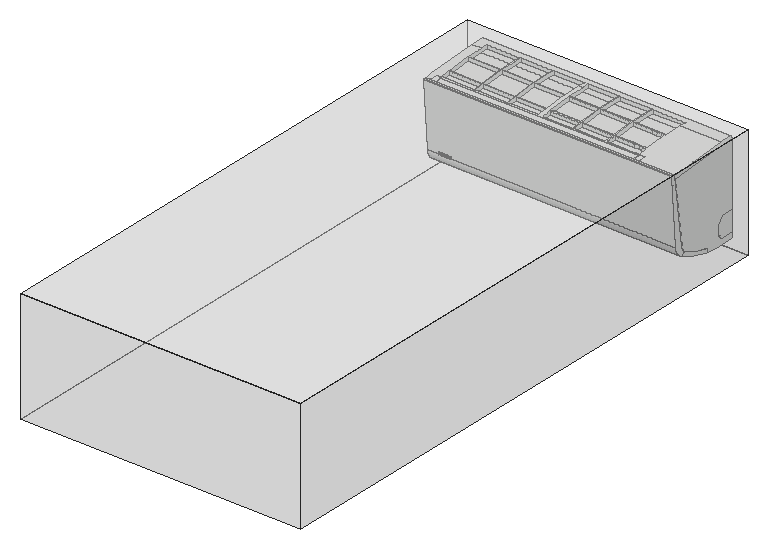
Revit family "outputfile", category 機械設備, Revit 2024
Family settings
  丸型コネクタ寸法 = 半径を使用
  パーツ タイプ = 標準
  OmniClass 番号 = 23.75.10.24.21.27.27
  OmniClass タイトル = Split System Air Conditioning Units
  作業面ベース = いいえ
  常に垂直 = はい
  ロード時にボイドで切り取り = いいえ
  注釈の向きを維持 = いいえ
  共有 = いいえ
  部屋計算ポイント = いいえ
Parameters (values of type "FTKF50CV1MW")
  Description = ""
  書き出し IFC クラス(タイプ) = "IfcUnitaryEquipmentType"
  定義済み IFC タイプ(タイプ) = "AIRCONDITIONINGUNIT"
  Cost = 0
  Type Comments = ""
  Keynote = ""
  Type Image = (empty or 0)
  Assembly Code = ""
  switch_frequency = yes
  lw_connection [instance] = if(Width = 730.0 mm, 85.0 mm, if(Width = 770.0 mm, 48.0 mm, 60.0 mm))  # 48.0 mm
  製造元 = "Daikin"
  モデル = "FTKF50CV1MW"
  r_Liquid Pipe Size = Liquid Pipe Size / 2  # 3.2 mm
  r_Gas Pipe Size = Gas Pipe Size / 2  # 6.35 mm
  r_Drain Pipe Size = Drain Pipe Size / 2  # 9.55 mm
  lw_powersupply [instance] = if(Width = 730.0 mm, if(or(Rear Right Connection_refrigerant, Bottom Right Connection_refrigerant), 65.0 mm, if(or(Rear Left Connection_refrigerant, Bottom Left Connection_refrigerant), 695.0 mm, 400.0 mm)), if(Width = 770.0 mm, if(or(Rear Right Connection_refrigerant, Bottom Right Connection_refrigerant), 68.0 mm, if(or(Rear Left Connection_refrigerant, Bottom Left Connection_refrigerant), 705.0 mm, 400.0 mm)), if(or(Rear Right Connection_refrigerant, Bottom Right Connection_refrigerant), 83.0 mm, if(or(Rear Left Connection_refrigerant, Bottom Left Connection_refrigerant), 928.0 mm, 400.0 mm))))  # 400.0 mm
  lw_liquidpipe [instance] = if(Width = 730.0 mm, if(or(Rear Right Connection_refrigerant, Bottom Right Connection_refrigerant), 0.0 mm, if(or(Rear Left Connection_refrigerant, Bottom Left Connection_refrigerant), 582.0 mm, 473.0 mm)), if(Width = 770.0 mm, if(or(Rear Right Connection_refrigerant, Bottom Right Connection_refrigerant), 0.0 mm, if(or(Rear Left Connection_refrigerant, Bottom Left Connection_refrigerant), 682.0 mm, 385.0 mm)), if(or(Rear Right Connection_refrigerant, Bottom Right Connection_refrigerant), 10.0 mm, if(or(Rear Left Connection_refrigerant, Bottom Left Connection_refrigerant), 858.0 mm, 435.0 mm))))  # 385.0 mm
  lw_gaspipe [instance] = if(Width = 730.0 mm, if(or(Rear Right Connection_refrigerant, Bottom Right Connection_refrigerant), 0.0 mm, if(or(Rear Left Connection_refrigerant, Bottom Left Connection_refrigerant), 576.0 mm, 428.0 mm)), if(Width = 770.0 mm, if(or(Rear Right Connection_refrigerant, Bottom Right Connection_refrigerant), 0.0 mm, if(or(Rear Left Connection_refrigerant, Bottom Left Connection_refrigerant), 675.0 mm, 335.0 mm)), if(or(Rear Right Connection_refrigerant, Bottom Right Connection_refrigerant), 0.0 mm, if(or(Rear Left Connection_refrigerant, Bottom Left Connection_refrigerant), 851.0 mm, 400.0 mm))))  # 335.0 mm
  lw_drainpipe [instance] = if(Width = 730.0 mm, if(or(Rear Right Connection_refrigerant, Bottom Right Connection_refrigerant), 0.0 mm, if(or(Rear Left Connection_refrigerant, Bottom Left Connection_refrigerant), 590.0 mm, 488.0 mm)), if(Width = 770.0 mm, if(or(Rear Right Connection_refrigerant, Bottom Right Connection_refrigerant), 0.0 mm, if(or(Rear Left Connection_refrigerant, Bottom Left Connection_refrigerant), 695.0 mm, 440.0 mm)), if(or(Rear Right Connection_refrigerant, Bottom Right Connection_refrigerant), 0.0 mm, if(or(Rear Left Connection_refrigerant, Bottom Left Connection_refrigerant), 888.0 mm, 475.0 mm))))  # 440.0 mm
  l_powersupply_length [instance] = if(Width = 730.0 mm, if(Right Connection_refrigerant, 400.0 mm, if(Left Connection_refrigerant, 330.0 mm, if(or(Bottom Left Connection_refrigerant, Bottom Right Connection_refrigerant), 57.0 mm, if(or(Rear Left Connection_refrigerant, Rear Right Connection_refrigerant), 15.0 mm, 50.0 mm)))), if(Width = 770.0 mm, if(Right Connection_refrigerant, 400.0 mm, if(Left Connection_refrigerant, 370.0 mm, if(or(Bottom Left Connection_refrigerant, Bottom Right Connection_refrigerant), 57.0 mm, if(or(Rear Left Connection_refrigerant, Rear Right Connection_refrigerant), 15.0 mm, 50.0 mm)))), if(Right Connection_refrigerant, 400.0 mm, if(Left Connection_refrigerant, 590.0 mm, if(or(Bottom Left Connection_refrigerant, Bottom Right Connection_refrigerant), 57.0 mm, if(or(Rear Left Connection_refrigerant, Rear Right Connection_refrigerant), 15.0 mm, 50.0 mm))))))  # 400.0 mm
  l_liquidpipe_length [instance] = if(Width = 730.0 mm, if(Right Connection_refrigerant, 558.0 mm, if(Left Connection_refrigerant, 172.0 mm, if(or(Bottom Left Connection_refrigerant, Bottom Right Connection_refrigerant), 48.0 mm, if(or(Rear Left Connection_refrigerant, Rear Right Connection_refrigerant), 30.0 mm, 40.0 mm)))), if(Width = 770.0 mm, if(Right Connection_refrigerant, 433.0 mm, if(Left Connection_refrigerant, 337.0 mm, if(or(Bottom Left Connection_refrigerant, Bottom Right Connection_refrigerant), 48.0 mm, if(or(Rear Left Connection_refrigerant, Rear Right Connection_refrigerant), 30.0 mm, 40.0 mm)))), if(Right Connection_refrigerant, 495.0 mm, if(Left Connection_refrigerant, 495.0 mm, if(or(Bottom Left Connection_refrigerant, Bottom Right Connection_refrigerant), 48.0 mm, if(or(Rear Left Connection_refrigerant, Rear Right Connection_refrigerant), 30.0 mm, 40.0 mm))))))  # 433.0 mm
  l_gaspipe_length [instance] = if(Width = 730.0 mm, if(Right Connection_refrigerant, 513.0 mm, if(Left Connection_refrigerant, 217.0 mm, if(or(Bottom Left Connection_refrigerant, Bottom Right Connection_refrigerant), 57.0 mm, if(or(Rear Left Connection_refrigerant, Rear Right Connection_refrigerant), 40.0 mm, 50.0 mm)))), if(Width = 770.0 mm, if(Right Connection_refrigerant, 383.0 mm, if(Left Connection_refrigerant, 387.0 mm, if(or(Bottom Left Connection_refrigerant, Bottom Right Connection_refrigerant), 57.0 mm, if(or(Rear Left Connection_refrigerant, Rear Right Connection_refrigerant), 40.0 mm, 50.0 mm)))), if(Right Connection_refrigerant, 460.0 mm, if(Left Connection_refrigerant, 530.0 mm, if(or(Bottom Left Connection_refrigerant, Bottom Right Connection_refrigerant), 57.0 mm, if(or(Rear Left Connection_refrigerant, Rear Right Connection_refrigerant), 40.0 mm, 50.0 mm))))))  # 383.0 mm
  l_drainpipe_length [instance] = if(Width = 730.0 mm, if(Right Connection_refrigerant, 573.0 mm, if(Left Connection_refrigerant, 157.0 mm, if(or(Bottom Left Connection_refrigerant, Bottom Right Connection_refrigerant), 35.0 mm, if(or(Rear Left Connection_refrigerant, Rear Right Connection_refrigerant), 15.0 mm, 20.0 mm)))), if(Width = 770.0 mm, if(Right Connection_refrigerant, 488.0 mm, if(Left Connection_refrigerant, 282.0 mm, if(or(Bottom Left Connection_refrigerant, Bottom Right Connection_refrigerant), 35.0 mm, if(or(Rear Left Connection_refrigerant, Rear Right Connection_refrigerant), 15.0 mm, 20.0 mm)))), if(Right Connection_refrigerant, 535.0 mm, if(Left Connection_refrigerant, 455.0 mm, if(or(Bottom Left Connection_refrigerant, Bottom Right Connection_refrigerant), 35.0 mm, if(or(Rear Left Connection_refrigerant, Rear Right Connection_refrigerant), 15.0 mm, 20.0 mm))))))  # 488.0 mm
  h*** = 0.0 mm  # constant formula
  connector_voltage = Voltage_50Hz  # 230 V
  connector_powerinput = [Power Input (Cooling)]  # 1.880 kW
  connector_phase = Phase_50Hz  # 1
  angle_vertical [instance] = if(or(Bottom Left Connection_refrigerant, Bottom Right Connection_refrigerant), 0.00°, 90.00°)  # 90.00°
  angle_horizontal [instance] = if(Right Connection_refrigerant, 90.00°, if(Left Connection_refrigerant, -90.00°, if(or(Rear Left Connection_refrigerant, Rear Right Connection_refrigerant), 180.00°, 0.00°)))  # 90.00°
  Width = 770.0 mm
  Voltage_comment_50Hz = "220 - 240"
  Voltage_50Hz = 230 V
  Version = "ver.1.0"
  Unit Type = "Wall Mounted"
  Unit Mass Weight = 9.50 kg
  Unit Designation [instance] = ""
  Uniclass2015Version = "Products v1.30"
  Uniclass2015Title = "Split coil room air conditioning units"
  Uniclass2015Code = "Pr_70_65_03_86"
  URL = ""
  Total Cooling Capacity [instance] = 0.000 kW
  Sound Pressure Level_M speed (dBA) = 39
  Sound Pressure Level_L speed (dBA) = 32
  Sound Pressure Level_H speed (dBA) = 42
  Sound Power Level_H speed (dB) = 0
  Series = "Single Split_Fan Coil Unit"
  Sensible Cooling Capacity [instance] = 0.000 kW
  Refrigerant Type = "R32"
  Power Input (Cooling) = 1.880 kW
  Phase_50Hz = 1
  Option Accessory 3 [instance] = ""
  Option Accessory 2 [instance] = ""
  Option Accessory 1 [instance] = ""
  Nominal Cooling Capacity = 5.280 kW
  Minimum Circuit Amps_50Hz = 11.0 A
  Minimum Airflow = 493.00 m³/h
  Median Airflow = 646.00 m³/h
  Maximum Fuse Amps_50Hz = 20.0 A
  Maximum Airflow = 731.00 m³/h
  Material_Casing = DAIKIN_White_Casing_indoorunit
  Load Classification = HVAC
  Liquid Pipe Size = 6.4 mm
  Link_Nested Family [instance] = ""
  IfcVersion = ""
  IfcExportType = "AIRCONDITIONINGUNIT"
  IfcExportAs = "IfcUnitaryEquipmentType"
  Height = 288.0 mm
  Heat Exchanger Type = "Cross Fin Coil"
  Gas Pipe Size = 12.7 mm
  Frequency_50Hz = 50 Hz
  Fan Type = "Cross Flow Fan"
  Fan Drive = "-"
  FCU Tag No. [instance] = ""
  Drain Pipe Size = 19.1 mm
  Design Supply Airflow [instance] = 0.00 m³/h
  Depth = 234.0 mm
  既定の高さ = 0.0 mm
  Cooling Entering Wet Bulb Temperature [instance] = 0.00 °C
  Cooling Entering Dry Bulb Temperature [instance] = 0.00 °C
  Cooling Ambient Wet Bulb Temperature [instance] = 0.00 °C
  Cooling Ambient Dry Bulb Temperature [instance] = 0.00 °C
  Clearance visibility [instance] = yes
  Clearance Top = 30.0 mm
  Clearance Right = 50.0 mm
  Clearance Rear = 0.0 mm
  Clearance Left = 50.0 mm
  Clearance Front = 1500.0 mm
  Clearance Bottom = 30.0 mm
  Bottom Right Connection_refrigerant [instance] = no
  Bottom Left Connection_refrigerant [instance] = no
  Rear Right Connection_refrigerant [instance] = no
  Rear Left Connection_refrigerant [instance] = no
  Right Connection_refrigerant [instance] = yes
  Left Connection_refrigerant [instance] = no
Reference planes
  plane 1 "Back": y = 0
  plane 2: z = 0
  plane 3 "Center (Left/Right)": x = 0
  plane 4 "Center (Front/Back)": y = -117
  plane 5 "Front": y = -234
  plane 6 "Left": x = -385
  plane 7 "Right": x = 385
  plane 8 "Top": z = 0
  plane 9 "Bottom": z = -288
  plane 10 "Front panel_Left": x = -383
  plane 11 "Front panel_Right": x = 383
  plane 12: x = 249
  plane 13: x = 244
  plane 14: x = -435
  plane 15: x = 435
  plane 16: y = 0
  plane 17: y = -213
  plane 18: z = 30
  plane 19: z = -318
  plane 20 "lw_Piping and Wiring intake": x = 337
  plane 21 "lw_gaspipe": x = 2
  plane 22 "lw_liquidpipe": x = -48
  plane 23 "lw_drainpipe": x = -103
  plane 24 "lh_drainpipe": z = -253
  plane 25 "lh_liquidpipe": z = -240
  plane 26 "lh_gaspipe": z = -231
  plane 27 "ld_drainpipe": y = -15
  plane 28 "ld_liquidpipe": y = -30
  plane 29 "ld_gaspipe": y = -40
  plane 30 "lw_powersupply": x = -15
  plane 31: y = -1734
Dimensions and locks
  equal spacing: plane 6 "Left", plane 3 "Center (Left/Right)", plane 7 "Right"
  "Width": plane 6 "Left" to plane 7 "Right"
  equal spacing: plane 5 "Front", plane 4 "Center (Front/Back)", plane 1 "Back"
  "Depth": plane 5 "Front" to plane 1 "Back"
  "Height": plane 8 "Top" to plane 9 "Bottom"
  locked: plane 10 "Front panel_Left" to plane 6 "Left" at 2
  locked: plane 7 "Right" to plane 11 "Front panel_Right" at 2
  locked: plane 7 "Right" to plane 12 at 136
  locked: plane 12 to plane 13 at 5
  "Clearance Rear": plane 16 to plane 1 "Back"
  "Clearance Top": plane 18 to plane 8 "Top"
  "Clearance Bottom": plane 9 "Bottom" to plane 19
  "lw_connection": plane 20 "lw_Piping and Wiring intake" to plane 7 "Right"
  "lw_gaspipe": plane 21 "lw_gaspipe" to plane 20 "lw_Piping and Wiring intake"
  "lw_liquidpipe": plane 22 "lw_liquidpipe" to plane 20 "lw_Piping and Wiring intake"
  "lw_drainpipe": plane 23 "lw_drainpipe" to plane 20 "lw_Piping and Wiring intake"
  locked: plane 24 "lh_drainpipe" to plane 9 "Bottom" at 35
  locked: plane 25 "lh_liquidpipe" to plane 9 "Bottom" at 48
  locked: plane 26 "lh_gaspipe" to plane 9 "Bottom" at 57
  locked: plane 27 "ld_drainpipe" to plane 1 "Back" at 15
  locked: plane 1 "Back" to plane 28 "ld_liquidpipe" at 30
  locked: plane 1 "Back" to plane 29 "ld_gaspipe" at 40
  "lw_powersupply": plane 30 "lw_powersupply" to plane 7 "Right"
  "Clearance Left": plane 14 to plane 6 "Left"
  "Clearance Right": plane 7 "Right" to plane 15
  "Clearance Front": plane 5 "Front" to plane 31
  aligned and locked: level to plane 2
  aligned and locked: plane 16 to nested 1
  aligned and locked: nested 1 to plane 14
  aligned and locked: nested 1 to plane 15
  aligned and locked: plane 19 to nested 1
  aligned and locked: plane 18 to nested 1
  aligned and locked: plane 21 "lw_gaspipe" to nested 2
  aligned and locked: nested 2 to plane 29 "ld_gaspipe"
  aligned and locked: plane 22 "lw_liquidpipe" to nested 3
  aligned and locked: nested 3 to plane 28 "ld_liquidpipe"
  aligned and locked: plane 23 "lw_drainpipe" to nested 4
  aligned and locked: nested 4 to plane 27 "ld_drainpipe"
  aligned and locked: nested 5 to plane 27 "ld_drainpipe"
  aligned and locked: plane 30 "lw_powersupply" to nested 5
  aligned and locked: level to plane 8 "Top"
  aligned and locked: nested 1 to plane 31
Nested families
  nested 1: "daikin_clearancespace" at (0, -867, -143.881), show <- "Clearance visibility", visible <- "Clearance visibility", Link_Nested Family <- "Link_Nested Family", type "daikin_clearancespace"
    with width 870.0 mm, show yes, height 348.0 mm, depth 1734.0 mm, Link_Nested Family ""
  nested 2: "daikin_connector_rotate3" at (2, -40, -231), angle_vertical <- "angle_vertical", angle_horizontal <- "angle_horizontal", length <- "l_gaspipe_length", radius <- "r_Gas Pipe Size", type "daikin_connector_rotate3"
    with show no, radius 6.35 mm, length 383.0 mm, angle_vertical 90.00°, angle_horizontal 90.00°
  nested 3: "daikin_connector_rotate3" at (-48, -30, -240), angle_vertical <- "angle_vertical", angle_horizontal <- "angle_horizontal", radius <- "r_Liquid Pipe Size", length <- "l_liquidpipe_length", type "daikin_connector_rotate3"
    with show no, radius 3.2 mm, length 433.0 mm, angle_vertical 90.00°, angle_horizontal 90.00°
  nested 4: "daikin_connector_rotate3" at (-103, -15, -253), angle_vertical <- "angle_vertical", angle_horizontal <- "angle_horizontal", length <- "l_drainpipe_length", radius <- "r_Drain Pipe Size", type "daikin_connector_rotate3"
    with show no, radius 9.55 mm, length 488.0 mm, angle_vertical 90.00°, angle_horizontal 90.00°
  nested 5: "daikin_connector_rotate3" at (-15, -15, -231), angle_vertical <- "angle_vertical", angle_horizontal <- "angle_horizontal", length <- "l_powersupply_length", type "daikin_connector_rotate3"
    with show no, radius 10.0 mm, length 400.0 mm, angle_vertical 90.00°, angle_horizontal 90.00°
  nested 6: "DAIKIN_indoorunit_FTKF-CV1MW" at (-31, 0, 0), type "FTKF--CV1MW"
    with switch_unit1_35-50 yes, switch_unit1_25 no, Width 770.0 mm, WALL HOLE-R 48.0 mm, Height 288.0 mm
Connectors
  piping at (385, -40, -231), diameter 12.7, driven by "r_Gas Pipe Size"
    settings: on nested 2, index 1, connector inside diameter 609.6 mm, connector length 0.0 mm, flow factor 0, pipe flow 0.00 m³/h, pressure drop 0.0 Pa, fitting loss kfactor 0, connector angle 0.00°, fixture units 0, engagement length 0.0 mm, angle of deflection 0.00°, flow configuration 1, flow direction 2, fitting loss method 0, system type 29, joint type 0, gender type 0, connector reference index -1, connector utility 0, adjustable connector no, is connector primary yes, connector description "Refrigerant Gas Piping"
  piping at (385, -30, -240), diameter 6.4, driven by "r_Liquid Pipe Size"
    settings: on nested 3, index 2, connector inside diameter 609.6 mm, connector length 0.0 mm, flow factor 0, pipe flow 0.00 m³/h, pressure drop 0.0 Pa, fitting loss kfactor 0, connector angle 0.00°, fixture units 0, engagement length 0.0 mm, angle of deflection 0.00°, flow configuration 1, flow direction 1, fitting loss method 0, system type 29, joint type 0, gender type 0, connector reference index -1, connector utility 0, adjustable connector no, is connector primary no, connector description "Refrigerant Liquid Piping"
  piping at (385, -15, -253), diameter 19.1, driven by "r_Drain Pipe Size"
    settings: on nested 4, index 3, connector inside diameter 609.6 mm, connector length 0.0 mm, flow factor 0, pipe flow 0.00 m³/h, pressure drop 0.0 Pa, fitting loss kfactor 0, connector angle 0.00°, fixture units 0, engagement length 0.0 mm, angle of deflection 0.00°, flow configuration 1, flow direction 2, fitting loss method 4, system type 16, joint type 0, gender type 0, connector reference index -1, connector utility 0, adjustable connector no, is connector primary no, connector description "Condensate Drain Piping"
  electrical at (385, -15, -231), driven by "Load Classification", driven by "connector_powerinput", driven by "connector_phase", driven by "connector_voltage"
    settings: on nested 5, index 4, voltage 230 V, apparent load 1880 VA, apparent load phase1 0 VA, apparent load phase2 0 VA, apparent load phase3 0 VA, power factor 1, load classification "HVAC", number of poles 1, system type 30, power factor state 1, is connector primary yes, connector utility no, sub classification motor no, connector description "Power Supply"
Definition of nested family "daikin_clearancespace"
  Parameters (values of type "daikin_clearancespace")
    Description = "daikin_clearancespace"
    width [instance] = 1823.963 mm
    show [instance] = yes
    material = none
    height [instance] = 1359.762 mm
    depth [instance] = 880.0 mm
    Default Elevation = 0.0 mm
    Link_Nested Family [instance] = ""
  Reference planes
    plane 1 "Center (Front/Back)": y = 0
    plane 2 "Center (Elevation)": z = -0.119
    plane 3 "Center (Left/Right)": x = 0
    plane 4: y = 440
    plane 5: y = -440
    plane 6 "Right": x = 911.982
    plane 7 "Left": x = -911.982
    plane 8 "Top": z = 679.762
    plane 9 "Bottom": z = -680
  Forms (mm)
    Extrusion 1, solid, material <- "material", visible <- "show"
      sketch origin (0, 0, 0) x (1, 0, 0) y (0, 1, 0)
        loop
          line (-911.982, 440) -> (-911.982, -440) -> (911.982, -440) -> (911.982, 440) -> (-911.982, 440)
      from -680 to 679.762
  Lines and regions (mm)
    symbolic lines, visible <- "show"
      curve 1: line (911.982, 440, 0) -> (-911.982, 440, 0)
      curve 2: line (-911.982, 440, 0) -> (-911.982, -440, 0)
      curve 3: line (-911.982, -440, 0) -> (911.982, -440, 0)
      curve 4: line (911.982, -440, 0) -> (911.982, 440, 0)
      curve 5: line (911.982, 0, 679.762) -> (-911.982, 0, 679.762)
      curve 6: line (911.982, 0, -680) -> (911.982, 0, 679.762)
      curve 7: line (-911.982, 0, -680) -> (911.982, 0, -680)
      curve 8: line (-911.982, 0, 679.762) -> (-911.982, 0, -680)
      curve 9: line (0, 440, 679.762) -> (0, -440, 679.762)
      curve 10: line (0, -440, 679.762) -> (0, -440, -680)
      curve 11: line (0, 440, -680) -> (0, 440, 679.762)
      curve 12: line (0, -440, -680) -> (0, 440, -680)
  Dimensions and locks
    "width": plane 7 "Left" to plane 6 "Right"
    "depth": plane 4 to plane 5
    "height": plane 8 "Top" to plane 9 "Bottom"
    equal spacing: plane 7 "Left", plane 3 "Center (Left/Right)", plane 6 "Right"
    equal spacing: plane 4, plane 1 "Center (Front/Back)", plane 5
    equal spacing: plane 8 "Top", plane 2 "Center (Elevation)", plane 9 "Bottom"
    aligned and locked: level to plane 2 "Center (Elevation)"
    aligned and locked: Extrusion 1 sketch curve to plane 4
    aligned and locked: plane 7 "Left" to Extrusion 1 sketch curve
    aligned and locked: Extrusion 1 sketch curve to plane 5
    aligned and locked: Extrusion 1 sketch curve to plane 6 "Right"
    aligned and locked: plane 8 "Top" to Extrusion 1
    aligned and locked: curve 1 to Extrusion 1
    aligned and locked: curve 2 to Extrusion 1
    aligned and locked: curve 3 to Extrusion 1
    aligned and locked: curve 4 to Extrusion 1
    aligned and locked: curve 5 to Extrusion 1
    aligned and locked: curve 6 to Extrusion 1
    aligned and locked: curve 7 to Extrusion 1
    aligned and locked: curve 8 to Extrusion 1
    aligned and locked: curve 9 to Extrusion 1
    aligned and locked: curve 10 to Extrusion 1
    aligned and locked: curve 11 to Extrusion 1
    aligned and locked: curve 12 to Extrusion 1
    aligned and locked: Extrusion 1 to plane 9 "Bottom"
Definition of nested family "DAIKIN_indoorunit_FTKF-CV1MW"
  Parameters (values of type "FTKF-AV14")
    switch_unit1_60 = Width = 990.0 mm  # no
    switch_unit1_35-50 = Width = 770.0 mm  # no
    switch_unit1_25 = Width = 730.0 mm  # yes
    Width = 730.0 mm
    WALL HOLE-R = if(Width = 730.0 mm, 79.0 mm, 48.0 mm)  # 79.0 mm
    Material_Casing = none
    Height = if(Width = 730.0 mm, 280.0 mm, if(Width = 770.0 mm, 288.0 mm, 297.0 mm))  # 280.0 mm
    Default Elevation = 0.0 mm
  Reference planes
    plane 1 "Center (Front/Back)": y = 0
    plane 2 "reference_level": z = 0
    plane 3 "Center (Left/Right)": x = 31
    plane 4: x = -334
    plane 5: x = 396
    plane 6: z = -280
  Forms (mm)
    Extrusion 1, solid, material <- "Material_Casing", visible <- "switch_unit1_25"
      sketch origin (31, 0, 0) x (0, 1, 0) y (0, 0, 1)
        loop
          line (-109.519, -8) -> (-2.596, -8) -> (-8.198, 0) -> (-109.608, 0)
          arc (-109.608, 0) -> (-157.226, -5.2) -> (-202.599, -20.555) r 220.623
          line (-202.599, -20.555) -> (-202.447, -29.25)
          arc (-202.447, -29.25) -> (-157.182, -13.38) -> (-109.519, -8) r 213.82
      from -365 to 365
    Extrusion 2, solid, material <- "Material_Casing", visible <- "switch_unit1_25"
      sketch origin (416, 1304.033, 1200.206) x (0, 1, 0) y (0, 0, 1)
        loop
          arc (-1496.513, -1423.164) -> (-1487.225, -1434.204) -> (-1476.373, -1443.711) r 95
          arc (-1476.373, -1443.711) -> (-1448.371, -1461.92) -> (-1418.191, -1476.232) r 250
          line (-1418.191, -1476.232) -> (-1418.191, -1465.318)
          arc (-1418.191, -1465.318) -> (-1445.052, -1452.134) -> (-1470.063, -1435.711) r 240
          arc (-1470.063, -1435.711) -> (-1477.766, -1429.186) -> (-1484.641, -1421.794) r 85
          line (-1484.641, -1421.794) -> (-1496.513, -1423.164)
      from -20 to -177
    Extrusion 3, solid, material <- "Material_Casing", visible <- "switch_unit1_25"
      sketch origin (31, 0, 0) x (0, 1, 0) y (0, 0, 1)
        loop
          line (-202.769, -10.816) -> (-211.618, -13.692)
          arc (-211.618, -13.692) -> (-212.628, -14.432) -> (-213, -15.629) r 2
          line (-213, -15.629) -> (-210.348, -167.5)
          arc (-210.348, -167.5) -> (-206.029, -195.818) -> (-193.465, -221.562) r 95
          line (-193.465, -221.562) -> (-181.653, -220.199)
          arc (-181.653, -220.199) -> (-195.31, -195.356) -> (-200.037, -167.403) r 85
          line (-200.037, -167.403) -> (-202.769, -10.816)
      from -365 to 365
    Extrusion 4, solid, material <- "Material_Casing", visible <- "switch_unit1_25"
      sketch origin (31, 0, 0) x (0, 1, 0) y (0, 0, 1)
        loop
          line (0, -280) -> (0, -11.707) -> (-2.596, -8) -> (-109.519, -8)
          arc (-109.519, -8) -> (-156.378, -13.198) -> (-200.959, -28.539) r 213.82
          line (-200.959, -28.539) -> (-198.537, -167.295)
          arc (-198.537, -167.295) -> (-189.766, -204.754) -> (-165.131, -234.305) r 83.5
          arc (-165.131, -234.305) -> (-139.841, -250.873) -> (-112.659, -264.109) r 238.5
          line (-112.659, -264.109) -> (-112.659, -276.338)
          arc (-112.659, -276.338) -> (-100.834, -279.079) -> (-88.731, -280) r 80
          line (-88.731, -280) -> (0, -280)
      from -365 to 365
    Extrusion 5, solid, material <- "Material_Casing", visible <- "switch_unit1_25"
      sketch origin (-354, 1304.033, 1200.206) x (0, 1, 0) y (0, 0, 1)
        loop
          arc (-1496.513, -1423.164) -> (-1487.225, -1434.204) -> (-1476.373, -1443.711) r 95
          arc (-1476.373, -1443.711) -> (-1448.371, -1461.92) -> (-1418.191, -1476.232) r 250
          line (-1418.191, -1476.232) -> (-1418.191, -1465.318)
          arc (-1418.191, -1465.318) -> (-1445.052, -1452.134) -> (-1470.063, -1435.711) r 240
          arc (-1470.063, -1435.711) -> (-1477.766, -1429.186) -> (-1484.641, -1421.794) r 85
          line (-1484.641, -1421.794) -> (-1496.513, -1423.164)
      from 72 to 20
    Extrusion 6, solid, material <- "Material_Casing", visible <- "switch_unit1_25"
      sketch origin (31, 7.782, 0.206) x (0, 1, 0) y (0, 0, 1)
        loop
          line (-188.39, -221.794) -> (-200.262, -223.164)
          arc (-200.262, -223.164) -> (-190.975, -234.204) -> (-180.122, -243.711) r 95
          arc (-180.122, -243.711) -> (-152.12, -261.92) -> (-121.941, -276.232) r 250
          line (-121.941, -276.232) -> (-121.941, -265.318)
          arc (-121.941, -265.318) -> (-148.801, -252.134) -> (-173.813, -235.711) r 240
          arc (-173.813, -235.711) -> (-181.515, -229.186) -> (-188.39, -221.794) r 85
      from 204 to -309
    Extrusion 7, void
      sketch origin (31, 0, -235) x (1, 0, 0) y (0, 1, 0)
        loop
          line (-324.633, -72.419) -> (-304, -73.5) -> (-234.9, -73.5) -> (-234.9, -24.5) -> (-324.633, -24.5) -> (-324.633, -72.419)
        loop
          line (-304, -74.9) -> (-324.633, -75.939) -> (-324.633, -139.819) -> (-304, -140.9) -> (-234.9, -140.9) -> (-234.9, -74.9) -> (-304, -74.9)
        loop
          line (-304, -142.3) -> (-324.633, -143.326) -> (-324.633, -182.209) -> (-300, -183.5) -> (-234.9, -183.5) -> (-234.9, -142.3) -> (-304, -142.3)
        loop
          line (-233.5, -142.3) -> (-233.5, -183.5) -> (-146.9, -183.5) -> (-146.9, -142.3) -> (-233.5, -142.3)
        loop
          line (-233.5, -140.9) -> (-146.9, -140.9) -> (-146.9, -74.9) -> (-233.5, -74.9) -> (-233.5, -140.9)
        loop
          line (-233.5, -73.5) -> (-146.9, -73.5) -> (-146.9, -24.5) -> (-233.5, -24.5) -> (-233.5, -73.5)
        loop
          line (-145.5, -73.5) -> (-74.9, -73.5) -> (-54.9, -72.452) -> (-54.9, -24.5) -> (-145.5, -24.5) -> (-145.5, -73.5)
        loop
          line (-145.5, -74.9) -> (-145.5, -140.9) -> (-74.9, -140.9) -> (-54.9, -139.852) -> (-54.9, -75.948) -> (-74.9, -74.9) -> (-145.5, -74.9)
        loop
          line (-145.5, -142.3) -> (-145.5, -183.5) -> (-74.9, -183.5) -> (-54.9, -182.452) -> (-54.9, -143.348) -> (-74.9, -142.3) -> (-145.5, -142.3)
        loop
          line (-53.5, -24.5) -> (-53.5, -72.452) -> (-33.5, -73.5) -> (36.5, -73.5) -> (36.5, -24.5) -> (-53.5, -24.5)
        loop
          line (-53.5, -75.948) -> (-53.5, -139.852) -> (-33.5, -140.9) -> (36.5, -140.9) -> (36.5, -74.9) -> (-33.5, -74.9) -> (-53.5, -75.948)
        loop
          line (-33.5, -142.3) -> (-53.5, -143.348) -> (-53.5, -182.452) -> (-33.5, -183.5) -> (36.5, -183.5) -> (36.5, -142.3) -> (-33.5, -142.3)
        loop
          line (37.9, -24.5) -> (37.9, -73.5) -> (124.9, -73.5) -> (124.9, -24.5) -> (37.9, -24.5)
        loop
          line (37.9, -74.9) -> (37.9, -140.9) -> (124.9, -140.9) -> (124.9, -74.9) -> (37.9, -74.9)
        loop
          line (37.9, -142.3) -> (37.9, -183.5) -> (124.9, -183.5) -> (124.9, -142.3) -> (37.9, -142.3)
        loop
          line (126.3, -24.5) -> (126.3, -73.5) -> (195.6, -73.5) -> (216, -72.431) -> (216, -24.5) -> (126.3, -24.5)
        loop
          line (126.3, -74.9) -> (126.3, -140.9) -> (198.5, -140.9) -> (216, -139.983) -> (216, -75.817) -> (198.5, -74.9) -> (126.3, -74.9)
        loop
          line (126.3, -142.3) -> (126.3, -183.5) -> (198.337, -183.5) -> (216, -182.623) -> (216, -143.217) -> (198.5, -142.3) -> (126.3, -142.3)
      from 201.638 to 250
    Extrusion 8, solid, material <- "Material_Casing"
      sketch origin (31, 0, 0) x (1, 0, 0) y (0, 0, 1)
        loop
          circle (286, -235) r 40
        loop
          circle (-317, -235) r 40
      from 0 to 5
    Extrusion 9, solid, material <- "Material_Casing", visible <- "switch_unit1_25"
      sketch origin (396, 1296.25, 1200) x (0, -1, 0) y (0, 0, 1)
        loop
          line (1326.25, -1413) -> (1296.25, -1413) -> (1296.25, -1473) -> (1326.25, -1473)
          arc (1326.25, -1473) -> (1340.393, -1467.142) -> (1346.25, -1453) r 20
          line (1346.25, -1453) -> (1346.25, -1433)
          arc (1346.25, -1433) -> (1340.393, -1418.858) -> (1326.25, -1413) r 20
      from 0 to 5
    Extrusion 10, solid, material <- "Material_Casing", visible <- "switch_unit1_25"
      sketch origin (-334, 1296.25, 1200) x (0, 1, 0) y (0, 0, 1)
        loop
          line (-1296.25, -1413) -> (-1326.25, -1413)
          arc (-1326.25, -1413) -> (-1340.393, -1418.858) -> (-1346.25, -1433) r 20
          line (-1346.25, -1433) -> (-1346.25, -1453)
          arc (-1346.25, -1453) -> (-1340.393, -1467.142) -> (-1326.25, -1473) r 20
          line (-1326.25, -1473) -> (-1296.25, -1473) -> (-1296.25, -1413)
      from 0 to 5
    Extrusion 11, solid, material <- "Material_Casing", visible <- "switch_unit1_25"
      sketch origin (11, 0, -285) x (-1, 0, 0) y (0, -1, 0)
        loop
          line (-279, 0) -> (-279, 30)
          arc (-279, 30) -> (-284.419, 43.081) -> (-297.5, 48.5) r 18.5
          line (-297.5, 48.5) -> (-320.5, 48.5)
          arc (-320.5, 48.5) -> (-333.581, 43.081) -> (-339, 30) r 18.5
          line (-339, 30) -> (-339, 0) -> (-279, 0)
        loop
          line (326, 0) -> (326, 30)
          arc (326, 30) -> (320.581, 43.081) -> (307.5, 48.5) r 18.5
          line (307.5, 48.5) -> (284.5, 48.5)
          arc (284.5, 48.5) -> (271.419, 43.081) -> (266, 30) r 18.5
          line (266, 30) -> (266, 0) -> (326, 0)
      from 10 to 5
    Extrusion 12, solid, material <- "Material_Casing", visible <- "switch_unit1_35-50"
      sketch origin (31, 0, 0) x (0, 1, 0) y (0, 0, 1)
        loop
          line (-5, 0) -> (-45.84, 0)
          arc (-45.84, 0) -> (-135.906, -3.965) -> (-225.275, -15.831) r 1024.823
          arc (-225.275, -15.831) -> (-224.639, -21.302) -> (-223.878, -26.758) r 241.564
          arc (-223.878, -26.758) -> (-135.207, -14.947) -> (-45.84, -11) r 1013.66
          line (-45.84, -11) -> (0, -11) -> (0, -9.02) -> (-5, 0)
      from -385 to 385
    Extrusion 13, solid, material <- "Material_Casing", visible <- "switch_unit1_35-50"
      sketch origin (31, 0, 0) x (0, 1, 0) y (0, 0, 1)
        loop
          arc (-226.673, -12.416) -> (-229.519, -12.929) -> (-232.363, -13.449) r 1025.776
          arc (-232.363, -13.449) -> (-233.586, -14.198) -> (-233.994, -15.573) r 2
          line (-233.994, -15.573) -> (-218.08, -217.408)
          arc (-218.08, -217.408) -> (-211.296, -237.286) -> (-195.807, -251.472) r 42.415
          line (-195.807, -251.472) -> (-186.556, -243.946)
          arc (-186.556, -243.946) -> (-193.981, -235.221) -> (-197.648, -224.366) r 30.386
          line (-197.648, -224.366) -> (-226.673, -12.416)
      from -385 to 385
    Extrusion 14, void
      sketch origin (33, 0, 0) x (1, 0, 0) y (0, 1, 0)
        loop
          line (-357.499, -23.5) -> (-357.499, -96.7) -> (-255.999, -96.7) -> (-255.999, -23.5) -> (-357.499, -23.5)
        loop
          line (-255.999, -99.1) -> (-357.499, -99.1) -> (-357.499, -170.1) -> (-255.999, -170.1) -> (-255.999, -99.1)
        loop
          line (-255.999, -171.7) -> (-357.499, -171.7) -> (-357.499, -201.7) -> (-255.999, -201.7) -> (-255.999, -171.7)
        loop
          line (-253.399, -23.5) -> (-253.399, -96.7) -> (-153.899, -96.7) -> (-153.899, -23.5) -> (-253.399, -23.5)
        loop
          line (-253.399, -99.1) -> (-253.399, -170.1) -> (-153.899, -170.1) -> (-153.899, -99.1) -> (-253.399, -99.1)
        loop
          line (-153.899, -171.7) -> (-253.399, -171.7) -> (-253.399, -201.7) -> (-153.899, -201.7) -> (-153.899, -171.7)
        loop
          line (-56.549, -23.5) -> (-151.299, -23.5) -> (-151.299, -96.7) -> (-56.549, -96.7) -> (-56.549, -23.5)
        loop
          line (-151.299, -99.1) -> (-151.299, -170.1) -> (-56.549, -170.1) -> (-56.549, -99.1) -> (-151.299, -99.1)
        loop
          line (-56.549, -171.7) -> (-151.299, -171.7) -> (-151.299, -201.7) -> (-56.549, -201.7) -> (-56.549, -171.7)
        loop
          line (50.301, -23.5) -> (-44.549, -23.5) -> (-44.549, -96.7) -> (50.301, -96.7) -> (50.301, -23.5)
        loop
          line (-44.549, -99.1) -> (-44.549, -170.1) -> (50.301, -170.1) -> (50.301, -99.1) -> (-44.549, -99.1)
        loop
          line (50.301, -171.7) -> (-44.549, -171.7) -> (-44.549, -201.7) -> (50.301, -201.7) -> (50.301, -171.7)
        loop
          line (52.901, -23.5) -> (52.901, -96.7) -> (152.401, -96.7) -> (152.401, -23.5) -> (52.901, -23.5)
        loop
          line (52.901, -99.1) -> (52.901, -170.1) -> (152.401, -170.1) -> (152.401, -99.1) -> (52.901, -99.1)
        loop
          line (52.901, -171.7) -> (52.901, -201.7) -> (152.401, -201.7) -> (152.401, -171.7) -> (52.901, -171.7)
        loop
          line (155.001, -23.5) -> (155.001, -96.7) -> (256.501, -96.7) -> (256.501, -23.5) -> (155.001, -23.5)
        loop
          line (155.001, -99.1) -> (155.001, -170.1) -> (217.501, -170.1) -> (229.501, -170.1) -> (241.501, -170.1) -> (256.501, -170.1) -> (256.501, -152.1) -> (256.501, -134.1) -> (256.501, -116.1) -> (256.501, -99.1) -> (241.501, -99.1) -> (229.501, -99.1) -> (217.501, -99.1) -> (155.001, -99.1)
        loop
          line (155.001, -171.7) -> (155.001, -201.7) -> (217.501, -201.7) -> (229.501, -201.7) -> (241.501, -201.7) -> (256.501, -201.7) -> (256.501, -171.7) -> (241.501, -171.7) -> (229.501, -171.7) -> (217.501, -171.7) -> (155.001, -171.7)
      from -40.013 to 47.268
    Extrusion 15, solid, material <- "Material_Casing", visible <- "switch_unit1_35-50"
      sketch origin (-356, 1308.25, 1200) x (0, 1, 0) y (0, 0, -1)
        loop
          line (-1407.524, 1473.254) -> (-1407.524, 1484.154)
          arc (-1407.524, 1484.154) -> (-1456.679, 1472.122) -> (-1503.106, 1451.987) r 299.52
          line (-1503.106, 1451.987) -> (-1494.032, 1444.604)
          arc (-1494.032, 1444.604) -> (-1451.915, 1462.363) -> (-1407.524, 1473.254) r 288.723
      from -2 to -49.5
    Extrusion 16, solid, material <- "Material_Casing", visible <- "switch_unit1_35-50"
      sketch origin (418, 1308.25, 1200) x (0, 1, 0) y (0, 0, 1)
        loop
          arc (-1407.524, -1473.254) -> (-1451.915, -1462.363) -> (-1494.032, -1444.604) r 288.723
          line (-1494.032, -1444.604) -> (-1503.106, -1451.987)
          arc (-1503.106, -1451.987) -> (-1456.679, -1472.122) -> (-1407.524, -1484.154) r 299.52
          line (-1407.524, -1484.154) -> (-1407.524, -1473.254)
      from -2 to -119.5
    Extrusion 17, solid, material <- "Material_Casing", visible <- "switch_unit1_35-50"
      sketch origin (418, 1308.25, 1200) x (0, 1, 0) y (0, 0, 1)
        loop
          line (-1407.524, -1484.154) -> (-1407.524, -1473.254)
          arc (-1407.524, -1473.254) -> (-1451.915, -1462.363) -> (-1494.032, -1444.604) r 288.723
          line (-1494.032, -1444.604) -> (-1503.106, -1451.987)
          arc (-1503.106, -1451.987) -> (-1456.679, -1472.122) -> (-1407.524, -1484.154) r 299.52
      from -119.5 to -724.5
    Extrusion 18, solid, material <- "Material_Casing", visible <- "switch_unit1_35-50"
      sketch origin (31, 0, -30) x (0, 1, 0) y (0, 0, 1)
        loop
          arc (-45.84, 19) -> (-135.218, 15.052) -> (-223.901, 3.238) r 1013.66
          line (-223.901, 3.238) -> (-196.855, -194.257)
          arc (-196.855, -194.257) -> (-192.985, -205.344) -> (-185.107, -214.052) r 29.589
          arc (-185.107, -214.052) -> (-142.926, -231.76) -> (-98.473, -242.568) r 288.081
          line (-98.473, -242.568) -> (-98.525, -254.271)
          arc (-98.525, -254.271) -> (-75.337, -257.066) -> (-52, -258) r 292.099
          line (-52, -258) -> (0, -258) -> (0, 19) -> (-45.84, 19)
      from -385 to 385
    Extrusion 19, solid, material <- "Material_Casing", visible <- "switch_unit1_35-50"
      sketch origin (416, 1296.25, 1200) x (0, -1, 0) y (0, 0, 1)
        loop
          line (1329.05, -1409.6) -> (1296.25, -1409.6) -> (1296.25, -1469.6) -> (1329.05, -1469.6)
          arc (1329.05, -1469.6) -> (1342.627, -1463.976) -> (1348.25, -1450.4) r 19.2
          line (1348.25, -1450.4) -> (1348.25, -1428.8)
          arc (1348.25, -1428.8) -> (1342.627, -1415.224) -> (1329.05, -1409.6) r 19.2
      from 0 to 5
    Extrusion 20, solid, material <- "Material_Casing", visible <- "switch_unit1_35-50"
      sketch origin (-349, 1296.25, 1200) x (0, -1, 0) y (0, 0, 1)
        loop
          line (1329.05, -1409.6) -> (1296.25, -1409.6) -> (1296.25, -1469.6) -> (1329.05, -1469.6)
          arc (1329.05, -1469.6) -> (1342.627, -1463.976) -> (1348.25, -1450.4) r 19.2
          line (1348.25, -1450.4) -> (1348.25, -1428.8)
          arc (1348.25, -1428.8) -> (1342.627, -1415.224) -> (1329.05, -1409.6) r 19.2
      from 0 to 5
    Extrusion 21, solid, material <- "Material_Casing", visible <- "switch_unit1_35-50"
      sketch origin (31, 200, -288) x (-1, 0, 0) y (0, -1, 0)
        loop
          line (369, 200) -> (369, 232)
          arc (369, 232) -> (363.142, 246.142) -> (349, 252) r 20
          line (349, 252) -> (329, 252)
          arc (329, 252) -> (314.858, 246.142) -> (309, 232) r 20
          line (309, 232) -> (309, 200) -> (369, 200)
        loop
          line (-369, 200) -> (-309, 200) -> (-309, 232)
          arc (-309, 232) -> (-314.858, 246.142) -> (-329, 252) r 20
          line (-329, 252) -> (-349, 252)
          arc (-349, 252) -> (-363.142, 246.142) -> (-369, 232) r 20
          line (-369, 232) -> (-369, 200)
      from 0 to 5
    Extrusion 22, void
      sketch origin (0, 0, 0) x (1, 0, 0) y (0, 1, 0)
        loop
          line (-308, -185.757) -> (-308, -202.769) -> (262, -202.769) -> (262, -185.757) -> (-308, -185.757)
      from -35 to 0
    Extrusion 23, solid, material <- "Material_Casing", visible <- "switch_unit1_25"
      sketch origin (0, 0, 0) x (1, 0, 0) y (0, 1, 0)
        loop
          line (-308, -185.757) -> (-308, -202.757) -> (-293, -202.757) -> (-293, -185.757) -> (-308, -185.757)
        loop
          line (262, -185.757) -> (247, -185.757) -> (247, -202.757) -> (262, -202.757) -> (262, -185.757)
      from -35 to 0
    Extrusion 24, solid, material <- "Material_Casing", visible <- "switch_unit1_25"
      sketch origin (0, 0, 0) x (1, 0, 0) y (0, 1, 0)
        loop
          line (-293, -190.757) -> (-293, -202.757) -> (247, -202.757) -> (247, -190.757) -> (203.171, -190.757) -> (203.171, -194.257)
          arc (203.171, -194.257) -> (202.732, -195.318) -> (201.671, -195.757) r 1.5
          line (201.671, -195.757) -> (180.129, -195.757)
          arc (180.129, -195.757) -> (179.068, -195.318) -> (178.629, -194.257) r 1.5
          line (178.629, -194.257) -> (178.629, -190.757) -> (46.421, -190.757) -> (46.421, -194.257)
          arc (46.421, -194.257) -> (45.982, -195.318) -> (44.921, -195.757) r 1.5
          line (44.921, -195.757) -> (23.379, -195.757)
          arc (23.379, -195.757) -> (22.318, -195.318) -> (21.879, -194.257) r 1.5
          line (21.879, -194.257) -> (21.879, -190.757) -> (-68.079, -190.757) -> (-68.079, -194.257)
          arc (-68.079, -194.257) -> (-68.518, -195.318) -> (-69.579, -195.757) r 1.5
          line (-69.579, -195.757) -> (-91.121, -195.757)
          arc (-91.121, -195.757) -> (-92.182, -195.318) -> (-92.621, -194.257) r 1.5
          line (-92.621, -194.257) -> (-92.621, -190.757) -> (-224.829, -190.757) -> (-224.829, -194.257)
          arc (-224.829, -194.257) -> (-225.268, -195.318) -> (-226.329, -195.757) r 1.5
          line (-226.329, -195.757) -> (-247.871, -195.757)
          arc (-247.871, -195.757) -> (-248.932, -195.318) -> (-249.371, -194.257) r 1.5
          line (-249.371, -194.257) -> (-249.371, -190.757) -> (-293, -190.757)
      from -35 to 0
    Extrusion 25, void
      sketch origin (31, 0, 0) x (0, 1, 0) y (0, 0, 1)
        loop
          line (-185.757, -13.903) -> (-185.757, 0) -> (-205.202, 0) -> (-205.202, -21.715)
          arc (-205.202, -21.715) -> (-195.563, -17.601) -> (-185.757, -13.903) r 245
        loop
          line (-205.202, -30.526) -> (-205.202, -35) -> (-185.757, -35) -> (-185.757, -22.404)
          arc (-185.757, -22.404) -> (-195.57, -26.249) -> (-205.202, -30.526) r 237
      from 231 to -339
    Extrusion 26, void
      sketch origin (0, 0, 0) x (1, 0, 0) y (0, 1, 0)
        loop
          line (-341.401, -199.9) -> (-342.412, -238.673) -> (306.373, -238.673)
          spline (306.373, -238.673) -> (306.288, -235.451) -> (306.202, -232.228) -> (306.116, -229.002) -> (306.031, -225.775) -> (305.945, -222.546) -> (305.859, -219.316) -> (305.774, -216.084) -> (305.688, -212.85) -> (305.602, -209.615) -> (305.517, -206.378) -> (305.431, -203.14) -> (305.345, -199.9)
          line (305.345, -199.9) -> (290.148, -199.9) -> (290.015, -203.69) -> (-326.04, -203.69) -> (-326.173, -199.9) -> (-341.401, -199.9)
      from 0 to -34.101
    Extrusion 27, solid, material <- "Material_Casing", visible <- "switch_unit1_35-50"
      sketch origin (0, 0, 0) x (1, 0, 0) y (0, 1, 0)
        loop
          line (-324.05, -226.673) -> (-324.05, -203.69) -> (-326.04, -203.69) -> (-326.173, -199.9) -> (-341.401, -199.9) -> (-342.099, -226.673) -> (-324.05, -226.673)
        loop
          line (305.344, -199.9) -> (290.148, -199.9) -> (290.015, -203.69) -> (288.001, -203.69) -> (288.001, -226.673) -> (306.055, -226.673) -> (305.344, -199.9)
      from 0 to -30
    Extrusion 28, solid, material <- "Material_Casing", visible <- "switch_unit1_35-50"
      sketch origin (0, 0, 0) x (1, 0, 0) y (0, 1, 0)
        loop
          line (288.001, -203.69) -> (-324.05, -203.69) -> (-324.05, -226.673) -> (288.001, -226.673) -> (288.001, -203.69)
      from 0 to -30
    Extrusion 29, void
      sketch origin (31, 0, 0) x (0, 1, 0) y (0, 0, 1)
        loop
          arc (-223.878, -26.758) -> (-224.639, -21.302) -> (-225.275, -15.831) r 241.564
          arc (-225.275, -15.831) -> (-212.6, -13.659) -> (-199.9, -11.646) r 1024.823
          line (-199.9, -11.646) -> (-199.9, 0) -> (-238.673, 0) -> (-238.673, -30) -> (-199.9, -30) -> (-199.9, -22.776)
          arc (-199.9, -22.776) -> (-211.901, -24.695) -> (-223.878, -26.758) r 1013.66
      from -385 to 385
    Extrusion 30, void
      sketch origin (31, 12, 0) x (0, 1, 0) y (0, 0, 1)
        loop
          arc (-201.887, -254.601) -> (-173.585, -267.35) -> (-144.115, -277.1) r 299.52
          line (-144.115, -277.1) -> (-122.392, -277.1)
          arc (-122.392, -277.1) -> (-157.174, -267.937) -> (-190.58, -254.601) r 294.52
          line (-190.58, -254.601) -> (-201.887, -254.601)
      from 303 to 335
    Extrusion 31, solid, material <- "Material_Casing", visible <- "switch_unit1_35-50"
      sketch origin (31, 12, 0) x (0, 1, 0) y (0, 0, 1)
        loop
          arc (-201.887, -254.601) -> (-173.585, -267.35) -> (-144.115, -277.1) r 299.52
          line (-144.115, -277.1) -> (-122.392, -277.1)
          arc (-122.392, -277.1) -> (-157.174, -267.937) -> (-190.58, -254.601) r 294.52
          line (-190.58, -254.601) -> (-201.887, -254.601)
      from 303 to 335
    Extrusion 32, void
      sketch origin (31, 12, 0) x (0, 1, 0) y (0, 0, 1)
        loop
          arc (-197.929, -256.6) -> (-189.925, -260.422) -> (-181.811, -264.005) r 299.52
          line (-181.811, -264.005) -> (-173.896, -264.005)
          arc (-173.896, -264.005) -> (-182.522, -260.437) -> (-191.03, -256.6) r 296.52
          line (-191.03, -256.6) -> (-197.929, -256.6)
      from 308.25 to 329.75
    Extrusion 33, solid, material <- "Material_Casing", visible <- "switch_unit1_35-50"
      sketch origin (31, 12, 0) x (0, 1, 0) y (0, 0, 1)
        loop
          line (-191.03, -256.6) -> (-197.929, -256.6)
          arc (-197.929, -256.6) -> (-189.925, -260.422) -> (-181.811, -264.005) r 299.52
          line (-181.811, -264.005) -> (-173.896, -264.005)
          arc (-173.896, -264.005) -> (-182.522, -260.437) -> (-191.03, -256.6) r 296.52
      from 308.25 to 329.75
    Extrusion 34, solid, material <- "Material_Casing", visible <- "switch_unit1_60"
      sketch origin (31, 0, 0) x (0, 1, 0) y (0, 0, 1)
        loop
          line (0, -9.411) -> (-5.217, 0) -> (-81.299, 0)
          arc (-81.299, 0) -> (-172.954, -4.661) -> (-263.664, -18.596) r 903.475
          line (-263.664, -18.596) -> (-262.227, -29.099)
          arc (-262.227, -29.099) -> (-172.204, -15.282) -> (-81.24, -10.748) r 889.035
          spline (-81.24, -10.748) -> (-74.468, -10.758) -> (-67.697, -10.768) -> (-60.927, -10.777) -> (-54.156, -10.787) -> (-47.386, -10.797) -> (-40.616, -10.807) -> (-33.846, -10.817) -> (-27.076, -10.827) -> (-20.307, -10.837) -> (-13.538, -10.846) -> (-6.769, -10.856) -> (0, -10.866)
          line (0, -10.866) -> (0, -9.411)
      from -495 to 495
    Extrusion 35, solid, material <- "Material_Casing", visible <- "switch_unit1_60"
      sketch origin (31, 0, 0) x (0, 1, 0) y (0, 0, 1)
        loop
          arc (-61.32, -11) -> (-162.288, -14.333) -> (-262.227, -29.099) r 889.035
          line (-262.227, -29.099) -> (-235.753, -222.656)
          arc (-235.753, -222.656) -> (-231.042, -237.333) -> (-221.593, -249.512) r 44.358
          arc (-221.593, -249.512) -> (-169.646, -270.267) -> (-114.65, -280.495) r 285.5
          line (-114.65, -280.495) -> (-114.65, -294.996)
          arc (-114.65, -294.996) -> (-88.244, -296.499) -> (-61.8, -297) r 697.94
          line (-61.8, -297) -> (0, -297) -> (0, -11) -> (-61.32, -11)
      from -495 to 495
    Extrusion 36, solid, material <- "Material_Casing", visible <- "switch_unit1_60"
      sketch origin (31, 0.704, 0) x (0, 1, 0) y (0, 0, 1)
        loop
          arc (-234.553, -259.361) -> (-177.189, -283.256) -> (-116.154, -294.93) r 302.598
          line (-116.154, -294.93) -> (-116.154, -281.229)
          arc (-116.154, -281.229) -> (-130.021, -279.659) -> (-143.795, -277.416) r 286.286
          arc (-143.795, -277.416) -> (-184.393, -266.65) -> (-222.978, -250.06) r 286.299
          line (-222.978, -250.06) -> (-234.553, -259.361)
      from -495 to -449
    Extrusion 37, solid, material <- "Material_Casing", visible <- "switch_unit1_60"
      sketch origin (86, 0.704, 0) x (0, 1, 0) y (0, 0, 1)
        loop
          arc (-234.553, -259.361) -> (-177.189, -283.256) -> (-116.154, -294.93) r 302.598
          line (-116.154, -294.93) -> (-116.154, -281.229)
          arc (-116.154, -281.229) -> (-130.021, -279.659) -> (-143.795, -277.416) r 286.286
          arc (-143.795, -277.416) -> (-184.393, -266.65) -> (-222.978, -250.06) r 286.299
          line (-222.978, -250.06) -> (-234.553, -259.361)
      from -498 to 288
    Extrusion 38, solid, material <- "Material_Casing", visible <- "switch_unit1_60"
      sketch origin (237.5, 0.704, 0) x (0, 1, 0) y (0, 0, 1)
        loop
          arc (-234.553, -259.361) -> (-177.189, -283.256) -> (-116.154, -294.93) r 302.598
          line (-116.154, -294.93) -> (-116.154, -281.229)
          arc (-116.154, -281.229) -> (-130.021, -279.659) -> (-143.795, -277.416) r 286.286
          arc (-143.795, -277.416) -> (-184.393, -266.65) -> (-222.978, -250.06) r 286.299
          line (-222.978, -250.06) -> (-234.553, -259.361)
      from 141.5 to 288.5
    Extrusion 39, solid, material <- "Material_Casing", visible <- "switch_unit1_60"
      sketch origin (31, 0, 0) x (0, 1, 0) y (0, 0, 1)
        loop
          arc (-222.666, -249.246) -> (-231.958, -237) -> (-236.602, -222.347) r 45.158
          line (-236.602, -222.347) -> (-264.436, -18.854)
          arc (-264.436, -18.854) -> (-268.128, -19.63) -> (-271.818, -20.421) r 900
          arc (-271.818, -20.421) -> (-272.685, -20.967) -> (-272.999, -21.943) r 1.5
          line (-272.999, -21.943) -> (-248.932, -250.575)
          arc (-248.932, -250.575) -> (-241.732, -254.782) -> (-234.424, -258.8) r 320
          line (-234.424, -258.8) -> (-222.666, -249.246)
      from -495 to 495
    Extrusion 40, solid, material <- "Material_Casing", visible <- "switch_unit1_60"
      sketch origin (31, 0, 0) x (0, 1, 0) y (0, 0, 1)
        loop
          arc (-41.8, -202) -> (-55.942, -207.858) -> (-61.8, -222) r 20
          line (-61.8, -222) -> (-61.8, -255.5)
          arc (-61.8, -255.5) -> (-55.942, -269.642) -> (-41.8, -275.5) r 20
          line (-41.8, -275.5) -> (0, -275.5) -> (0, -202) -> (-41.8, -202)
      from -495 to -490
    Extrusion 41, solid, material <- "Material_Casing", visible <- "switch_unit1_60"
      sketch origin (31, 0, 0) x (0, 1, 0) y (0, 0, -1)
        loop
          line (-41.8, 202) -> (0, 202) -> (0, 275.5) -> (-41.8, 275.5)
          arc (-41.8, 275.5) -> (-55.942, 269.642) -> (-61.8, 255.5) r 20
          line (-61.8, 255.5) -> (-61.8, 222)
          arc (-61.8, 222) -> (-55.942, 207.858) -> (-41.8, 202) r 20
      from -495 to -490
    Extrusion 42, solid, material <- "Material_Casing", visible <- "switch_unit1_60"
      sketch origin (0, 0, 0) x (1, 0, 0) y (0, 1, 0)
        loop
          line (-438, 0) -> (-438, -41.8)
          arc (-438, -41.8) -> (-432.142, -55.942) -> (-418, -61.8) r 20
          line (-418, -61.8) -> (-384.5, -61.8)
          arc (-384.5, -61.8) -> (-370.358, -55.942) -> (-364.5, -41.8) r 20
          line (-364.5, -41.8) -> (-364.5, 0) -> (-438, 0)
        loop
          line (426.5, 0) -> (426.5, -41.8)
          arc (426.5, -41.8) -> (432.358, -55.942) -> (446.5, -61.8) r 20
          line (446.5, -61.8) -> (480, -61.8)
          arc (480, -61.8) -> (494.142, -55.942) -> (500, -41.8) r 20
          line (500, -41.8) -> (500, 0) -> (426.5, 0)
      from -297 to -292
    Extrusion 43, void
      sketch origin (0, 0, 0) x (1, 0, 0) y (0, 1, 0)
        loop
          line (-434.5, -23.5) -> (-434.5, -112.5) -> (-330.5, -112.5) -> (-330.5, -23.5) -> (-434.5, -23.5)
        loop
          line (-434.5, -115.5) -> (-434.5, -192.7) -> (-330.5, -192.7) -> (-330.5, -115.5) -> (-434.5, -115.5)
        loop
          line (-434.5, -195.7) -> (-434.5, -236.8) -> (-330.5, -236.8) -> (-330.5, -195.7) -> (-434.5, -195.7)
        loop
          line (-328, -23.5) -> (-328, -112.5) -> (-227, -112.5) -> (-227, -23.5) -> (-328, -23.5)
        loop
          line (-328, -115.5) -> (-328, -192.7) -> (-227, -192.7) -> (-227, -115.5) -> (-328, -115.5)
        loop
          line (-328, -195.7) -> (-328, -236.8) -> (-227, -236.8) -> (-227, -195.7) -> (-328, -195.7)
        loop
          line (-224.5, -23.5) -> (-224.5, -112.5) -> (-123.5, -112.5) -> (-123.5, -23.5) -> (-224.5, -23.5)
        loop
          line (-224.5, -115.5) -> (-224.5, -192.7) -> (-123.5, -192.7) -> (-123.5, -115.5) -> (-224.5, -115.5)
        loop
          line (-224.5, -195.7) -> (-224.5, -236.8) -> (-123.5, -236.8) -> (-123.5, -195.7) -> (-224.5, -195.7)
        loop
          line (-121, -23.5) -> (-121, -112.5) -> (-20, -112.5) -> (-20, -23.5) -> (-121, -23.5)
        loop
          line (-121, -115.5) -> (-121, -192.7) -> (-20, -192.7) -> (-20, -115.5) -> (-121, -115.5)
        loop
          line (-121, -195.7) -> (-121, -236.8) -> (-20, -236.8) -> (-20, -195.7) -> (-121, -195.7)
        loop
          line (-17.5, -23.5) -> (-17.5, -112.5) -> (83.5, -112.5) -> (83.5, -23.5) -> (-17.5, -23.5)
        loop
          line (-17.5, -115.5) -> (-17.5, -192.7) -> (83.5, -192.7) -> (83.5, -115.5) -> (-17.5, -115.5)
        loop
          line (-17.5, -195.7) -> (-17.5, -236.8) -> (83.5, -236.8) -> (83.5, -195.7) -> (-17.5, -195.7)
        loop
          line (86, -23.5) -> (86, -112.5) -> (187, -112.5) -> (187, -23.5) -> (86, -23.5)
        loop
          line (86, -115.5) -> (86, -192.7) -> (187, -192.7) -> (187, -115.5) -> (86, -115.5)
        loop
          line (86, -195.7) -> (86, -236.8) -> (187, -236.8) -> (187, -195.7) -> (86, -195.7)
        loop
          line (189.5, -23.5) -> (189.5, -112.5) -> (290.5, -112.5) -> (290.5, -23.5) -> (189.5, -23.5)
        loop
          line (189.5, -115.5) -> (189.5, -192.7) -> (290.5, -192.7) -> (290.5, -115.5) -> (189.5, -115.5)
        loop
          line (189.5, -195.7) -> (189.5, -236.8) -> (290.5, -236.8) -> (290.5, -195.7) -> (189.5, -195.7)
        loop
          line (293, -23.5) -> (293, -112.5) -> (397, -112.5) -> (397, -23.5) -> (293, -23.5)
        loop
          line (293, -115.5) -> (293, -192.7) -> (350.7, -192.7) -> (367.5, -192.7) -> (384.75, -192.7) -> (397, -192.7) -> (397, -115.5) -> (384.75, -115.5) -> (367.5, -115.5) -> (350.7, -115.5) -> (293, -115.5)
        loop
          line (293, -195.7) -> (293, -236.8) -> (350.7, -236.8) -> (367.5, -236.8) -> (384.75, -236.8) -> (397, -236.8) -> (397, -195.7) -> (384.75, -195.7) -> (367.5, -195.7) -> (350.7, -195.7) -> (293, -195.7)
      from 30 to -30
    Extrusion 44, void
      sketch origin (0, 0, 0) x (1, 0, 0) y (0, 1, 0)
        loop
          line (411, -239) -> (-449.5, -239) -> (-449.5, -254) -> (-451.5, -254) -> (-451.5, -264.436) -> (415.5, -264.436) -> (415.5, -254) -> (411, -254) -> (411, -239)
      from 0 to -30
    Extrusion 45, solid, material <- "Material_Casing", visible <- "switch_unit1_60"
      sketch origin (0, 0, 0) x (1, 0, 0) y (0, 1, 0)
        loop
          line (-451.5, -265) -> (-435.5, -265) -> (-435.5, -239) -> (-449.5, -239) -> (-449.5, -254) -> (-451.5, -254) -> (-451.5, -265)
        loop
          line (398, -265) -> (415.5, -265) -> (415.5, -254) -> (411, -254) -> (411, -239) -> (398, -239) -> (398, -265)
      from 0 to -30
    Extrusion 46, solid, material <- "Material_Casing", visible <- "switch_unit1_60"
      sketch origin (0, 0, 0) x (1, 0, 0) y (0, 1, 0)
        loop
          line (-435.5, -239) -> (-435.5, -264.436) -> (397, -264.436) -> (397, -239) -> (-435.5, -239)
      from 0 to -30
    Extrusion 47, void
      sketch origin (31, 0, 0) x (0, 1, 0) y (0, 0, 1)
        loop
          line (-228.739, -12.112) -> (-228.739, 5) -> (-268.475, 5) -> (-268.475, -33.272) -> (-228.739, -33.272) -> (-228.739, -22.853)
          arc (-228.739, -22.853) -> (-245.513, -25.815) -> (-262.227, -29.099) r 889.035
          line (-262.227, -29.099) -> (-263.664, -18.596)
          arc (-263.664, -18.596) -> (-246.233, -15.182) -> (-228.739, -12.112) r 903.475
      from -495 to 495
    Extrusion 48, void
      sketch origin (31, 0.704, 0) x (0, 1, 0) y (0, 0, 1)
        loop
          arc (-230.546, -261.498) -> (-203.172, -274.143) -> (-174.675, -284) r 302.598
          line (-174.675, -284) -> (-154.527, -284)
          arc (-154.527, -284) -> (-187.624, -274.628) -> (-219.42, -261.498) r 297.598
          line (-219.42, -261.498) -> (-230.546, -261.498)
      from 413 to 445
    Extrusion 49, solid, material <- "Material_Casing", visible <- "switch_unit1_60"
      sketch origin (31, 0.704, 0) x (0, 1, 0) y (0, 0, 1)
        loop
          arc (-230.546, -261.498) -> (-203.172, -274.143) -> (-174.675, -284) r 302.598
          line (-174.675, -284) -> (-154.527, -284)
          arc (-154.527, -284) -> (-187.624, -274.628) -> (-219.42, -261.498) r 297.598
          line (-219.42, -261.498) -> (-230.546, -261.498)
      from 413 to 445
    Extrusion 50, void
      sketch origin (31, 0.704, 0) x (0, 1, 0) y (0, 0, 1)
        loop
          arc (-226.657, -263.5) -> (-218.833, -267.315) -> (-210.902, -270.904) r 302.598
          line (-210.902, -270.904) -> (-203.176, -270.904)
          arc (-203.176, -270.904) -> (-211.581, -267.329) -> (-219.872, -263.5) r 299.598
          line (-219.872, -263.5) -> (-226.657, -263.5)
      from 418.25 to 439.75
    Extrusion 51, solid, material <- "Material_Casing", visible <- "switch_unit1_60"
      sketch origin (31, 0.704, 0) x (0, 1, 0) y (0, 0, 1)
        loop
          arc (-226.657, -263.5) -> (-218.833, -267.315) -> (-210.902, -270.904) r 302.598
          line (-210.902, -270.904) -> (-203.176, -270.904)
          arc (-203.176, -270.904) -> (-211.581, -267.329) -> (-219.872, -263.5) r 299.598
          line (-219.872, -263.5) -> (-226.657, -263.5)
      from 418.25 to 439.75
    Extrusion 52, void
      sketch origin (31, 0, 0) x (0, 1, 0) y (0, 0, 1)
        loop
          arc (-185.09, -232.006) -> (-178.976, -238.044) -> (-172.34, -243.506) r 95
          arc (-172.34, -243.506) -> (-152.916, -256.693) -> (-132.34, -268) r 250
          line (-132.34, -268) -> (-120.445, -268)
          arc (-120.445, -268) -> (-145.718, -255.169) -> (-169.341, -239.505) r 245
          arc (-169.341, -239.505) -> (-173.845, -235.896) -> (-178.109, -232.006) r 90
          line (-178.109, -232.006) -> (-185.09, -232.006)
      from 304.5 to 337.5
    Extrusion 53, solid, material <- "Material_Casing", visible <- "switch_unit1_25"
      sketch origin (31, 0, 0) x (0, 1, 0) y (0, 0, 1)
        loop
          arc (-169.341, -239.505) -> (-173.845, -235.896) -> (-178.109, -232.006) r 90
          line (-178.109, -232.006) -> (-185.09, -232.006)
          arc (-185.09, -232.006) -> (-178.976, -238.044) -> (-172.34, -243.506) r 95
          arc (-172.34, -243.506) -> (-152.916, -256.693) -> (-132.34, -268) r 250
          line (-132.34, -268) -> (-120.445, -268)
          arc (-120.445, -268) -> (-145.718, -255.169) -> (-169.341, -239.505) r 245
      from 304.5 to 337.5
    Extrusion 54, void
      sketch origin (31, 0, 0) x (0, 1, 0) y (0, 0, 1)
        loop
          arc (-181.178, -235.993) -> (-176.874, -239.885) -> (-172.34, -243.506) r 95
          arc (-172.34, -243.506) -> (-169.962, -245.267) -> (-167.563, -247) r 250
          line (-167.563, -247) -> (-162.335, -247)
          arc (-162.335, -247) -> (-166.468, -244.095) -> (-170.54, -241.106) r 247
          arc (-170.54, -241.106) -> (-173.711, -238.618) -> (-176.77, -235.993) r 92
          line (-176.77, -235.993) -> (-181.178, -235.993)
      from 310.25 to 331.75
    Extrusion 55, solid, material <- "Material_Casing", visible <- "switch_unit1_25"
      sketch origin (31, 0, 0) x (0, 1, 0) y (0, 0, 1)
        loop
          line (-176.77, -235.993) -> (-181.178, -235.993)
          arc (-181.178, -235.993) -> (-176.874, -239.885) -> (-172.34, -243.506) r 95
          arc (-172.34, -243.506) -> (-169.962, -245.267) -> (-167.563, -247) r 250
          line (-167.563, -247) -> (-162.335, -247)
          arc (-162.335, -247) -> (-166.468, -244.095) -> (-170.54, -241.106) r 247
          arc (-170.54, -241.106) -> (-173.711, -238.618) -> (-176.77, -235.993) r 92
      from 310.25 to 331.75
  Cuts and joins
    Extrusion 7, Extrusion 22, Extrusion 25 cuts Extrusion 1
    Extrusion 14, Extrusion 26, Extrusion 29 cuts Extrusion 12
    Extrusion 25 cuts Extrusion 23
    Extrusion 25 cuts Extrusion 24
    Extrusion 29 cuts Extrusion 28
    Extrusion 29 cuts Extrusion 27
    Extrusion 30, Extrusion 32 cuts Extrusion 17
    Extrusion 30 cuts Extrusion 16
    Extrusion 32 cuts Extrusion 31
    Extrusion 43, Extrusion 44 cuts Extrusion 34
    Extrusion 47 cuts Extrusion 45
    Extrusion 48, Extrusion 50 cuts Extrusion 37
    Extrusion 48, Extrusion 50 cuts Extrusion 38
